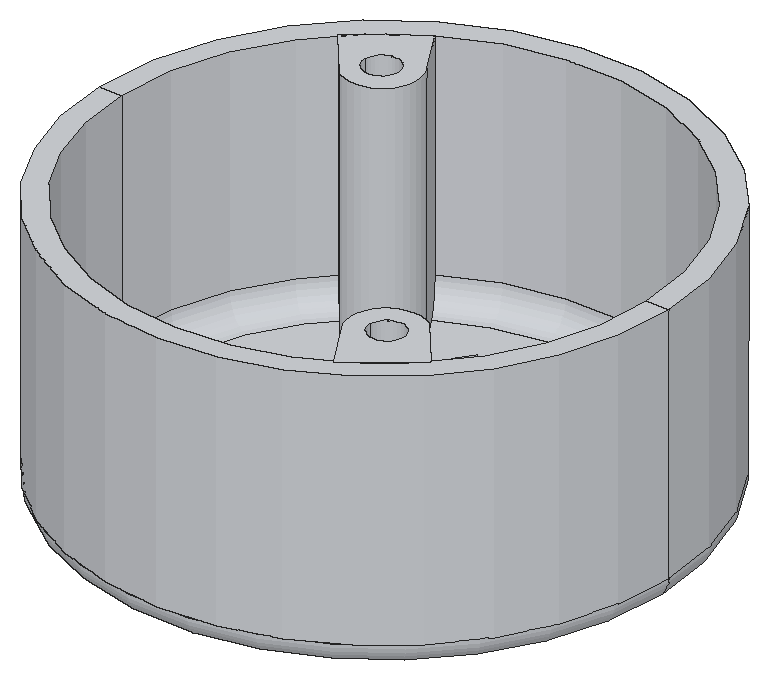
Revit family "PL4W", category Generic Models, Revit 2017
Family settings
  Can host rebar = No
  Round Connector Dimension = Use Diameter
  Part Type = Normal
  Work Plane-Based = Yes
  Always vertical = No
  Cut with Voids When Loaded = No
  Shared = No
  Room Calculation Point = No
Parameters (values of type "NBS Standard Parameters")
  Weight = "0.075Kg"
  WarrantyStartDate [instance] = "1900-12-31T23:59:59"
  WarrantyGuarantorParts = "n/a"
  WarrantyGuarantorLabor = "n/a"
  WarrantyDurationUnit = "1 year"
  WarrantyDurationParts = "n/a"
  WarrantyDurationLabor = "n/a"
  WarrantyDescription = "n/a"
  Version = "1"
  Uniclass2 = "Pr_65_70_11_20"
  TagNumber [instance] = "n/a"
  SustainabilityPerformance = "n/a"
  Size = "4 Hole / KO"
  Shape = "Circular"
  SerialNumber [instance] = "n/a"
  Revision = "n/a"
  ReplacementCost = "n/a"
  ProductInformation = "www.metpro.co.uk/pdf/pl4w.pdf"
  NominalWidth = 66 mm
  NominalLength = 66 mm
  NominalHeight = 32.5 mm
  Name = ""
  NBSTypeID = ""
  NBSReference = "90-55-10/460"
  NBSOfficeMasterTag = ""
  NBSNote = ""
  NBSDescription = "Conduit Fittings"
  NBSCertification = ""
  ModelReference = "PL4W"
  ModelNumber = "n/a"
  Material = "Mild Steel"
  ManufacturerURL = "www.metpro.co.uk"
  ManufacturerName = "Metpro Ltd"
  Keynote = "Manufactured to BS4607 Part 1"
  InstallationDate [instance] = "1900-12-31T23:59:59"
  IfcExportType = ""
  IfcExportAs = ""
  Grade = "n/a"
  Finish = "White"
  Features = "n/a"
  ExpectedLife = "n/a"
  DurationUnit = "year"
  Description = "PL4W - PVC Conduit Loopin Box"
  Default Elevation = 1219.2 mm
  Constituents = "n/a"
  Color = "n/a"
  CodePerformance = "n/a"
  Category = "n/a"
  BarCode [instance] = "n/a"
  BIMObjectName = "Metpro_metprolibrary_conduitfittings_PVCcomponent_accessory"
  Author = "Metpro Ltd"
  AssetType = ""
  AssetIdentifier [instance] = "n/a"
  AccessibilityPerformance = "n/a"
Reference planes
  plane 1 "Center (Front/Back)": y = 0
  plane 2: z = 0
  plane 3 "Center (Left/Right)": x = 0
Forms (mm)
  Revolve 1, solid
    sketch origin (32.5, 160.773, -24.918) x (1, 0, 0) y (0, 0, 1)
      loop
        line (-32.5, 40) -> (-32.5, 12.5)
        arc (-32.5, 12.5) -> (-31.768, 10.732) -> (-30, 10) r 2.5
        line (-30, 10) -> (0, 10) -> (0, 12.541) -> (-27, 12.541)
        arc (-27, 12.541) -> (-29.121, 13.42) -> (-30, 15.541) r 3
        line (-30, 15.541) -> (-30, 40) -> (-32.5, 40)
      axis (0, 10) -> (0, 40)
    angle from 0 to 360
  Extrusion 2, solid
    sketch origin (32.5, 160.773, 15.082) x (0, 1, 0) y (-1, 0, 0)
      loop
        arc (-15.277, -17.303) -> (-15.749, -12.281) -> (-20.76, -11.714) r 4
        line (-20.76, -11.714) -> (-25.958, -15.04)
        arc (-25.958, -15.04) -> (-23.533, -18.606) -> (-20.622, -21.788) r 30
        line (-20.622, -21.788) -> (-15.277, -17.303)
      loop
        circle (-18.691, -15.253) r 1.939
      loop
        arc (15.277, 17.303) -> (15.749, 12.281) -> (20.76, 11.714) r 4
        line (20.76, 11.714) -> (25.958, 15.04)
        arc (25.958, 15.04) -> (23.533, 18.606) -> (20.622, 21.788) r 30
        line (20.622, 21.788) -> (15.277, 17.303)
      loop
        circle (18.691, 15.253) r 1.939
    from 0 to -28
  Extrusion 3, void
    sketch origin (32.5, 160.773, 15.082) x (-1, 0, 0) y (0, 1, 0)
      loop
        arc (5.272, -23.954) -> (0.484, -24.83) -> (-4.061, -23.085) r 9
        line (-4.061, -23.085) -> (-4.697, -23.732)
        arc (-4.697, -23.732) -> (1.058, -25.766) -> (6.912, -24.037) r 9.9
        line (6.912, -24.037) -> (6.256, -23.393)
        arc (6.256, -23.393) -> (5.773, -23.689) -> (5.272, -23.954) r 9
      loop
        line (-6.598, -21.815) -> (-5.959, -21.165)
        arc (-5.959, -21.165) -> (-7.677, -16.164) -> (-6.291, -11.062) r 9
        line (-6.291, -11.062) -> (-6.946, -10.418)
        arc (-6.946, -10.418) -> (-8.578, -16.171) -> (-6.598, -21.815) r 9.9
      loop
        line (-5.162, -8.385) -> (-4.518, -9.018)
        arc (-4.518, -9.018) -> (0.896, -6.879) -> (6.486, -8.501) r 9
        line (6.486, -8.501) -> (7.125, -7.852)
        arc (7.125, -7.852) -> (0.889, -5.979) -> (-5.162, -8.385) r 9.9
      loop
        line (9.076, -9.719) -> (8.439, -10.366)
        arc (8.439, -10.366) -> (10.317, -16.006) -> (8.269, -21.586) r 9
        line (8.269, -21.586) -> (8.913, -22.219)
        arc (8.913, -22.219) -> (11.217, -15.998) -> (9.076, -9.719) r 9.9
      loop
        arc (10.624, -9.052) -> (16.488, -10.227) -> (21.958, -7.81) r 9.9
        line (21.958, -7.81) -> (21.26, -7.224)
        arc (21.26, -7.224) -> (16.41, -9.33) -> (11.214, -8.348) r 9
        line (11.214, -8.348) -> (10.624, -9.052)
      loop
        line (8.457, -7.434) -> (9.038, -6.742)
        arc (9.038, -6.742) -> (6.481, -1.512) -> (7.659, 4.189) r 9
        line (7.659, 4.189) -> (6.961, 4.774)
        arc (6.961, 4.774) -> (5.583, -1.59) -> (8.457, -7.434) r 9.9
      loop
        line (8.669, 6.865) -> (9.365, 6.282)
        arc (9.365, 6.282) -> (14.839, 8.596) -> (20.563, 6.993) r 9
        line (20.563, 6.993) -> (21.143, 7.685)
        arc (21.143, 7.685) -> (14.761, 9.493) -> (8.669, 6.865) r 9.9
      loop
        line (23.113, 5.832) -> (22.523, 5.129)
        arc (22.523, 5.129) -> (22.856, 4.67) -> (23.159, 4.192) r 9
        arc (23.159, 4.192) -> (24.409, -0.513) -> (23.026, -5.181) r 9
        line (23.026, -5.181) -> (23.721, -5.765)
        arc (23.721, -5.765) -> (25.296, 0.132) -> (23.113, 5.832) r 9.9
      loop
        arc (6.813, 8.52) -> (8.725, 14.872) -> (6.198, 21.006) r 9.9
        line (6.198, 21.006) -> (5.577, 20.35)
        arc (5.577, 20.35) -> (7.826, 14.848) -> (6.154, 9.144) r 9
        line (6.154, 9.144) -> (6.813, 8.52)
      loop
        line (3.5, 22.083) -> (4.132, 22.751)
        arc (4.132, 22.751) -> (-1.397, 24.282) -> (-6.847, 22.491) r 9.9
        line (-6.847, 22.491) -> (-6.178, 21.858)
        arc (-6.178, 21.858) -> (-1.937, 23.352) -> (2.497, 22.608) r 9
        arc (2.497, 22.608) -> (3.007, 22.361) -> (3.5, 22.083) r 9
      loop
        line (-8.358, 19.791) -> (-9.016, 20.413)
        arc (-9.016, 20.413) -> (-11.061, 14.56) -> (-9.224, 8.638) r 9.9
        line (-9.224, 8.638) -> (-8.592, 9.305)
        arc (-8.592, 9.305) -> (-10.16, 14.586) -> (-8.358, 19.791) r 9
      loop
        arc (4.27, 7.209) -> (-1.259, 5.386) -> (-6.747, 7.327) r 9
        line (-6.747, 7.327) -> (-7.368, 6.671)
        arc (-7.368, 6.671) -> (-1.233, 4.485) -> (4.931, 6.583) r 9.9
        line (4.931, 6.583) -> (4.27, 7.209)
      loop
        arc (-6.752, -6.968) -> (-5.055, -0.681) -> (-7.63, 5.3) r 9.9
        line (-7.63, 5.3) -> (-8.203, 4.591)
        arc (-8.203, 4.591) -> (-5.95, -0.777) -> (-7.455, -6.401) r 9
        line (-7.455, -6.401) -> (-6.752, -6.968)
      loop
        arc (-22.204, 3.911) -> (-16.709, 7.434) -> (-10.279, 6.317) r 9
        line (-10.279, 6.317) -> (-9.709, 7.023)
        arc (-9.709, 7.023) -> (-16.805, 8.333) -> (-22.905, 4.477) r 9.9
        line (-22.905, 4.477) -> (-22.204, 3.911)
      loop
        arc (-9.282, -8.396) -> (-14.192, -10.358) -> (-19.357, -9.224) r 9
        line (-19.357, -9.224) -> (-19.944, -9.924)
        arc (-19.944, -9.924) -> (-14.105, -11.254) -> (-8.567, -8.973) r 9.9
        line (-8.567, -8.973) -> (-9.282, -8.396)
      loop
        line (-23.408, 1.633) -> (-24.138, 2.246)
        arc (-24.138, 2.246) -> (-24.642, -3.307) -> (-22.064, -8.252) r 9.9
        line (-22.064, -8.252) -> (-21.482, -7.558)
        arc (-21.482, -7.558) -> (-23.738, -3.234) -> (-23.408, 1.633) r 9
    from 27.161 to 30.164
Cuts and joins
  Extrusion 3 cuts Revolve 1
Dimensions and locks
  aligned and locked: level to plane 2
